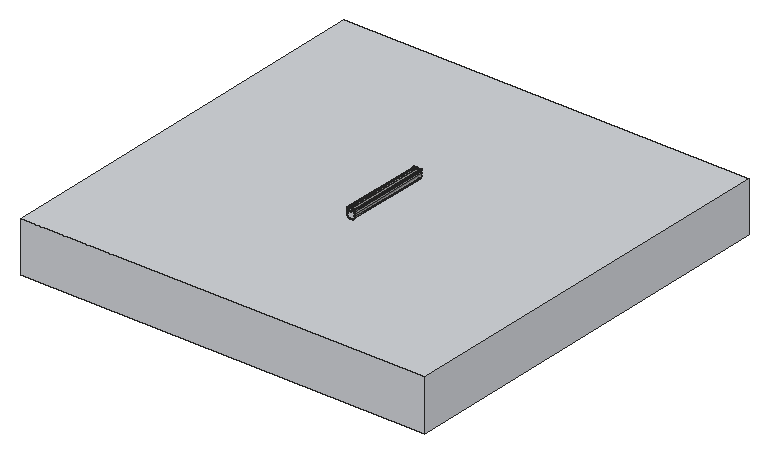
Revit family "L-trade_body", category Обобщенные модели, Revit 2017
Family settings
  Основа = Грань
  Может служить основой для арматурных стержней = Нет
  Размер круглого соединителя = Использовать диаметр
  Тип детали = Нормальный
  При загрузке вырезать с полостями = Нет
  Общий = Нет
  Точка расчета площади = Нет
Parameters
  Тип торцевой крышки = Trade Standart : Trade Standart
  Расстояние от светильника до плоскости = 55.991 mm
  Default Elevation = 1219.2 mm
  Начало выдавливания = Длина профиля / 2 * (-1)  # -250 mm
  Конец выдавливания = Длина профиля / 2  # 250 mm
  Длина профиля = 500 mm
Reference planes
  plane 1 "По центру (Вперед/Назад)": y = 0
  plane 2: z = 0
  plane 3 "По центру (Влево/Вправо)": x = 0
  plane 4 "Плоскость расположения светильника": z = 55.991
Forms (mm)
  Extrusion 1, solid
    sketch origin (0, 0, 0) x (1, 0, 0) y (0, 1, 0)
      loop
        line (-1219.2, 1219.2) -> (-1219.2, -1219.2) -> (1219.2, -1219.2) -> (1219.2, 1219.2) -> (-1219.2, 1219.2)
    from 0 to -304.8
  Extrusion 2, solid, material "Алюминий"
    sketch origin (-0.012, 0, 76.46) x (0, 0, 1) y (1, 0, 0)
      loop
        arc (-59.25, -24.005) -> (-52.269, -20.15) -> (-45.287, -24.005) r 8.25
        arc (-45.287, -24.005) -> (-39.588, -21.546) -> (-34.671, -17.758) r 25
        arc (-34.671, -17.758) -> (-33.593, -19.381) -> (-31.769, -20) r 3
        line (-31.769, -20) -> (-31.747, -18.485)
        arc (-31.747, -18.485) -> (-32.827, -15.957) -> (-30.283, -17) r 1.486
        line (-30.283, -17) -> (-28.946, -18.017)
        arc (-28.946, -18.017) -> (-28.836, -17.633) -> (-28.778, -17.238) r 3
        arc (-28.778, -17.238) -> (-28.264, -17.566) -> (-27.736, -17.872) r 15
        arc (-27.736, -17.872) -> (-28.629, -21.6) -> (-25.469, -23.771) r 3.385
        line (-25.469, -23.771) -> (-20.469, -23.771) -> (-20.469, -21.96) -> (-20.469, -18.959) -> (-21.47, -18.959) -> (-21.47, -21.96) -> (-25.469, -21.96)
        arc (-25.469, -21.96) -> (-26.945, -20.195) -> (-24.946, -19.054) r 1.5
        line (-24.946, -19.054) -> (-24.946, -17.462)
        arc (-24.946, -17.462) -> (-28.28, -15.733) -> (-31.007, -13.151) r 13.477
        arc (-31.007, -13.151) -> (-31.597, -12.352) -> (-32.126, -11.512) r 13.477
        arc (-32.126, -11.512) -> (-33.542, -8.026) -> (-33.938, -4.283) r 13.477
        line (-33.938, -4.283) -> (-34.93, -4.283) -> (-34.93, -5.255) -> (-36.043, -5.255) -> (-36.043, 0) -> (-36.043, 5.255) -> (-34.93, 5.255) -> (-34.93, 4.283) -> (-33.938, 4.283)
        arc (-33.938, 4.283) -> (-33.542, 8.026) -> (-32.126, 11.512) r 13.477
        arc (-32.126, 11.512) -> (-31.597, 12.352) -> (-31.007, 13.151) r 13.477
        arc (-31.007, 13.151) -> (-28.28, 15.733) -> (-24.946, 17.462) r 13.477
        line (-24.946, 17.462) -> (-24.946, 19.054)
        arc (-24.946, 19.054) -> (-26.945, 20.195) -> (-25.469, 21.96) r 1.5
        line (-25.469, 21.96) -> (-21.47, 21.96) -> (-21.47, 18.959) -> (-20.469, 18.959) -> (-20.469, 21.96) -> (-20.469, 23.771) -> (-25.469, 23.771)
        arc (-25.469, 23.771) -> (-28.629, 21.6) -> (-27.736, 17.872) r 3.385
        arc (-27.736, 17.872) -> (-28.264, 17.566) -> (-28.778, 17.238) r 15
        arc (-28.778, 17.238) -> (-28.836, 17.633) -> (-28.946, 18.017) r 3
        line (-28.946, 18.017) -> (-30.283, 17)
        arc (-30.283, 17) -> (-32.819, 15.949) -> (-31.769, 18.486) r 1.486
        line (-31.769, 18.486) -> (-31.769, 20)
        arc (-31.769, 20) -> (-33.603, 19.374) -> (-34.671, 17.758) r 3
        arc (-34.671, 17.758) -> (-39.588, 21.546) -> (-45.287, 24.005) r 25
        arc (-45.287, 24.005) -> (-52.269, 20.15) -> (-59.25, 24.005) r 8.25
        arc (-59.25, 24.005) -> (-64.079, 22.034) -> (-68.395, 19.104) r 25
        line (-68.395, 19.104) -> (-69.102, 17.807)
        arc (-69.102, 17.807) -> (-68.597, 17.356) -> (-68.344, 16.728) r 1.489
        arc (-68.344, 16.728) -> (-68.731, 15.48) -> (-69.953, 15.017) r 1.489
        arc (-69.953, 15.017) -> (-71.216, 15.994) -> (-70.869, 17.553) r 1.489
        line (-70.869, 17.553) -> (-71.913, 18.598)
        arc (-71.913, 18.598) -> (-72.763, 16.832) -> (-72.327, 14.922) r 2.966
        arc (-72.327, 14.922) -> (-75.219, 9.913) -> (-76.883, 4.375) r 25
        line (-76.883, 4.375) -> (-76.883, 2.61) -> (-75.101, 2.61) -> (-75.101, 4.112) -> (-71.169, 4.112) -> (-71.169, 0) -> (-71.169, -4.112) -> (-75.101, -4.112) -> (-75.101, -2.61) -> (-76.883, -2.61) -> (-76.883, -4.375)
        arc (-76.883, -4.375) -> (-75.219, -9.913) -> (-72.327, -14.922) r 25
        arc (-72.327, -14.922) -> (-72.763, -16.832) -> (-71.913, -18.598) r 2.966
        line (-71.913, -18.598) -> (-70.869, -17.553)
        arc (-70.869, -17.553) -> (-71.216, -15.994) -> (-69.953, -15.017) r 1.489
        arc (-69.953, -15.017) -> (-68.731, -15.48) -> (-68.344, -16.728) r 1.489
        arc (-68.344, -16.728) -> (-68.597, -17.356) -> (-69.102, -17.807) r 1.489
        line (-69.102, -17.807) -> (-68.395, -19.104)
        arc (-68.395, -19.104) -> (-64.079, -22.034) -> (-59.25, -24.005) r 25
      loop
        arc (-59.931, -21.898) -> (-52.269, -18.35) -> (-44.606, -21.898) r 10.05
        arc (-44.606, -21.898) -> (-38.092, -18.365) -> (-33.024, -12.957) r 23.2
        arc (-33.024, -12.957) -> (-34.527, -9.982) -> (-35.335, -6.748) r 15
        line (-35.335, -6.748) -> (-37.561, -6.748) -> (-37.561, 0) -> (-37.561, 6.748) -> (-35.335, 6.748)
        arc (-35.335, 6.748) -> (-34.527, 9.982) -> (-33.024, 12.957) r 15
        arc (-33.024, 12.957) -> (-38.092, 18.365) -> (-44.606, 21.898) r 23.2
        arc (-44.606, 21.898) -> (-52.269, 18.35) -> (-59.931, 21.898) r 10.05
        arc (-59.931, 21.898) -> (-63.725, 20.174) -> (-67.149, 17.799) r 23.2
        arc (-67.149, 17.799) -> (-67.655, 14.468) -> (-70.949, 13.759) r 2.966
        arc (-70.949, 13.759) -> (-73.267, 9.864) -> (-74.784, 5.594) r 23.2
        line (-74.784, 5.594) -> (-69.669, 5.594) -> (-69.669, 0) -> (-69.669, -5.594) -> (-74.784, -5.594)
        arc (-74.784, -5.594) -> (-73.267, -9.864) -> (-70.949, -13.759) r 23.2
        arc (-70.949, -13.759) -> (-67.655, -14.468) -> (-67.149, -17.799) r 2.966
        arc (-67.149, -17.799) -> (-63.725, -20.174) -> (-59.931, -21.898) r 23.2
    from -250 <- "Начало выдавливания" to 250 <- "Конец выдавливания"
  Extrusion 3, solid, material "Стекло, прозрачное остекление"
    sketch origin (-0.012, 0.083, 76.46) x (-1, 0, 0) y (0, 0, -1)
      loop
        line (21.96, 21.47) -> (21.96, 24.47) -> (-21.96, 24.47) -> (-21.96, 21.47) -> (21.96, 21.47)
    from -250 <- "Начало выдавливания" to 250 <- "Конец выдавливания"
Dimensions and locks
  "Расстояние от светильника до плоскости": plane 4 "Плоскость расположения светильника" to Extrusion 1
  aligned and locked: plane 2 to Extrusion 1
  aligned and locked: level to Extrusion 1
Automatic sketch dimensions
  Extrusion 1 sketch curve to Extrusion 1 sketch curve = 2438.4 mm  (x2)
  Extrusion 2 sketch curve to Extrusion 2 sketch curve = 0 mm  (x233)
  Extrusion 2 sketch curve to plane 4 "Плоскость расположения светильника" = 0 mm  (x4)
  Extrusion 2 sketch curve to Extrusion 2 sketch curve = 1.002 mm
  Extrusion 2 sketch curve to plane 4 "Плоскость расположения светильника" = 1.002 mm
  Extrusion 2 sketch curve to Extrusion 2 sketch curve = 3.475 mm  (x2)
  Extrusion 2 sketch curve to Extrusion 2 sketch curve = 0.523 mm  (x2)
  Extrusion 2 sketch curve to Extrusion 2 sketch curve = 4.001 mm  (x2)
  Extrusion 2 sketch curve to Extrusion 2 sketch curve = 1.337 mm  (x2)
  Extrusion 2 sketch curve to Extrusion 2 sketch curve = 1.486 mm  (x2)
  plane 3 "По центру (Влево/Вправо)" to Extrusion 2 sketch curve = 4.272 mm
  Extrusion 2 sketch curve to Extrusion 2 sketch curve = 2.169 mm
  Extrusion 2 sketch curve to plane 3 "По центру (Влево/Вправо)" = 4.295 mm
  Extrusion 2 sketch curve to Extrusion 2 sketch curve = 0.992 mm  (x2)
  Extrusion 2 sketch curve to Extrusion 2 sketch curve = 0.405 mm  (x2)
  Extrusion 2 sketch curve to Extrusion 2 sketch curve = 1.113 mm
  Extrusion 2 sketch curve to Extrusion 2 sketch curve = 1.518 mm
  Extrusion 2 sketch curve to plane 3 "По центру (Влево/Вправо)" = 0.012 mm  (x5)
  Extrusion 2 sketch curve to Extrusion 2 sketch curve = 14.707 mm
  Extrusion 2 sketch curve to Extrusion 2 sketch curve = 20.5 mm  (x2)
  Extrusion 2 sketch curve to Extrusion 2 sketch curve = 16.126 mm  (x2)
  Extrusion 2 sketch curve to Extrusion 2 sketch curve = 0.708 mm  (x2)
  plane 3 "По центру (Влево/Вправо)" to Extrusion 2 sketch curve = 5.582 mm
  Extrusion 2 sketch curve to Extrusion 2 sketch curve = 0.566 mm
  Extrusion 2 sketch curve to Extrusion 2 sketch curve = 0.713 mm  (x2)
  Extrusion 2 sketch curve to Extrusion 2 sketch curve = 1.053 mm  (x3)
  Extrusion 2 sketch curve to Extrusion 2 sketch curve = 1.5 mm
  Extrusion 2 sketch curve to Extrusion 2 sketch curve = 1.045 mm  (x4)
  Extrusion 2 sketch curve to plane 3 "По центру (Влево/Вправо)" = 18.609 mm
  Extrusion 2 sketch curve to Extrusion 2 sketch curve = 3.615 mm  (x2)
  Extrusion 2 sketch curve to Extrusion 2 sketch curve = 0.317 mm  (x2)
  Extrusion 2 sketch curve to Extrusion 2 sketch curve = 1.782 mm  (x2)
  Extrusion 2 sketch curve to plane 3 "По центру (Влево/Вправо)" = 18.971 mm
  Extrusion 2 sketch curve to Extrusion 2 sketch curve = 0.095 mm
  Extrusion 2 sketch curve to Extrusion 2 sketch curve = 0.506 mm
  Extrusion 2 sketch curve to Extrusion 2 sketch curve = 1.331 mm  (x2)
  Extrusion 2 sketch curve to Extrusion 2 sketch curve = 0.075 mm  (x2)
  Extrusion 2 sketch curve to Extrusion 2 sketch curve = 1.81 mm  (x2)
  Extrusion 2 sketch curve to Extrusion 2 sketch curve = 9.296 mm  (x2)
  Extrusion 2 sketch curve to Extrusion 2 sketch curve = 1.037 mm
  Extrusion 2 sketch curve to Extrusion 2 sketch curve = 1.297 mm  (x2)
  Extrusion 2 sketch curve to Extrusion 2 sketch curve = 1.593 mm  (x2)
  Extrusion 2 sketch curve to Extrusion 2 sketch curve = 1.017 mm  (x2)
  Extrusion 2 sketch curve to Extrusion 2 sketch curve = 2.464 mm
  Extrusion 2 sketch curve to plane 3 "По центру (Влево/Вправо)" = 5.606 mm
  Extrusion 2 sketch curve to Extrusion 2 sketch curve = 0.971 mm  (x2)
  Extrusion 2 sketch curve to Extrusion 2 sketch curve = 1.219 mm
  Extrusion 2 sketch curve to Extrusion 2 sketch curve = 1.482 mm  (x2)
  Extrusion 2 sketch curve to Extrusion 2 sketch curve = 1.502 mm
  plane 3 "По центру (Влево/Вправо)" to Extrusion 2 sketch curve = 2.598 mm
  Extrusion 2 sketch curve to Extrusion 2 sketch curve = 1.765 mm
  plane 3 "По центру (Влево/Вправо)" to Extrusion 2 sketch curve = 4.738 mm
  Extrusion 2 sketch curve to Extrusion 2 sketch curve = 1.493 mm
  Extrusion 2 sketch curve to Extrusion 2 sketch curve = 10.906 mm
  Extrusion 2 sketch curve to Extrusion 2 sketch curve = 0.462 mm
  Extrusion 2 sketch curve to Extrusion 2 sketch curve = 1.497 mm
  Extrusion 2 sketch curve to Extrusion 2 sketch curve = 1.514 mm
  Extrusion 2 sketch curve to Extrusion 2 sketch curve = 1.21 mm  (x2)
  Extrusion 2 sketch curve to Extrusion 2 sketch curve = 0.724 mm  (x2)
  Extrusion 2 sketch curve to Extrusion 2 sketch curve = 0.024 mm  (x2)
  Extrusion 2 sketch curve to Extrusion 2 sketch curve = 0.021 mm
  Extrusion 2 sketch curve to Extrusion 2 sketch curve = 1.119 mm  (x2)
  Extrusion 2 sketch curve to Extrusion 2 sketch curve = 0.898 mm  (x2)
  Extrusion 2 sketch curve to Extrusion 2 sketch curve = 2.903 mm  (x2)
  Extrusion 2 sketch curve to Extrusion 2 sketch curve = 7.663 mm  (x2)
  Extrusion 2 sketch curve to Extrusion 2 sketch curve = 0.681 mm  (x4)
  Extrusion 2 sketch curve to Extrusion 2 sketch curve = 6.982 mm
  Extrusion 2 sketch curve to Extrusion 2 sketch curve = 1.246 mm  (x2)
  Extrusion 2 sketch curve to Extrusion 2 sketch curve = 0.758 mm  (x2)
  Extrusion 2 sketch curve to Extrusion 2 sketch curve = 0.137 mm  (x2)
  Extrusion 3 sketch curve to plane 4 "Плоскость расположения светильника" = 1.002 mm
  plane 3 "По центру (Влево/Вправо)" to Extrusion 3 sketch curve = 21.949 mm
  Extrusion 3 sketch curve to plane 4 "Плоскость расположения светильника" = 4.002 mm
  Extrusion 3 sketch curve to plane 3 "По центру (Влево/Вправо)" = 21.972 mm
Nested families
  nested 1: "Trade Standart" at (0.555, 0.024, 0), type <- "Тип торцевой крышки", type "Trade Standart"
    with Расстояние до плоскости 55.991 mm, Начало профиля 250 mm, Конец профиля 250 mm
  nested 2: "Trade Standart" at (0.452, 0, 0), type <- "Тип торцевой крышки", type "Trade Standart"
    with Расстояние до плоскости 55.991 mm, Начало профиля 250 mm, Конец профиля 250 mm
Definition of nested family "Trade Standart"
  Parameters (values of type "Trade Standart")
    Расстояние до плоскости = 150 mm
    Default Elevation = 1219.2 mm
    Начало профиля = 249.976 mm
    Конец профиля = 250.024 mm
  Reference planes
    plane 1 "По центру (Вперед/Назад)": y = 0
    plane 2: z = 0
    plane 3 "По центру (Влево/Вправо)": x = 0
    plane 4 "Плоскость светильника": z = 150
  Forms (mm)
    Extrusion 1, solid
      sketch origin (0, 0, 0) x (1, 0, 0) y (0, 1, 0)
        loop
          line (-1219.2, 1219.2) -> (-1219.2, -1219.2) -> (1219.2, -1219.2) -> (1219.2, 1219.2) -> (-1219.2, 1219.2)
      from 0 to -304.8
    Extrusion 2, solid
      sketch origin (-19.367, -250.024, 150) x (1, 0, 0) y (0, 0, 1)
        loop
          arc (33.722, -51.859) -> (35.632, -52.295) -> (37.398, -51.445) r 2.966
          arc (37.398, -51.445) -> (38.236, -49.77) -> (37.904, -47.926) r 2.966
          arc (37.904, -47.926) -> (40.834, -43.611) -> (42.805, -38.782) r 25
          arc (42.805, -38.782) -> (38.95, -31.8) -> (42.805, -24.818) r 8.25
          arc (42.805, -24.818) -> (40.346, -19.12) -> (36.558, -14.203) r 25
          arc (36.558, -14.203) -> (38.174, -13.134) -> (38.8, -11.3) r 3
          arc (38.8, -11.3) -> (38.255, -9.575) -> (36.817, -8.478) r 3
          arc (36.817, -8.478) -> (36.433, -8.368) -> (36.038, -8.309) r 3
          arc (36.038, -8.309) -> (36.366, -7.795) -> (36.672, -7.268) r 15
          arc (36.672, -7.268) -> (40.4, -8.16) -> (42.571, -5) r 3.385
          line (42.571, -5) -> (42.571, 0) -> (40.76, 0) -> (37.759, 0) -> (-0.159, 0) -> (-3.16, 0) -> (-4.971, 0) -> (-4.971, -5)
          arc (-4.971, -5) -> (-2.8, -8.16) -> (0.928, -7.268) r 3.385
          arc (0.928, -7.268) -> (1.234, -7.795) -> (1.562, -8.309) r 15
          arc (1.562, -8.309) -> (1.167, -8.368) -> (0.783, -8.478) r 3
          arc (0.783, -8.478) -> (-0.655, -9.575) -> (-1.2, -11.3) r 3
          arc (-1.2, -11.3) -> (-0.574, -13.134) -> (1.042, -14.203) r 3
          arc (1.042, -14.203) -> (-2.746, -19.12) -> (-5.205, -24.818) r 25
          arc (-5.205, -24.818) -> (-1.35, -31.8) -> (-5.205, -38.782) r 8.25
          arc (-5.205, -38.782) -> (-3.234, -43.611) -> (-0.304, -47.926) r 25
          arc (-0.304, -47.926) -> (-0.636, -49.77) -> (0.202, -51.445) r 2.966
          arc (0.202, -51.445) -> (1.968, -52.295) -> (3.878, -51.859) r 2.966
          arc (3.878, -51.859) -> (9.009, -54.803) -> (14.688, -56.46) r 25
          line (14.688, -56.46) -> (14.688, -50.7) -> (18.8, -50.7) -> (22.912, -50.7) -> (22.912, -56.46)
          arc (22.912, -56.46) -> (28.591, -54.803) -> (33.722, -51.859) r 25
      from 0 to 1.5
    Extrusion 3, solid
      sketch origin (18.233, 249.976, 150) x (-1, 0, 0) y (0, 0, 1)
        loop
          arc (3.884, -51.859) -> (9.014, -54.803) -> (14.693, -56.46) r 25
          line (14.693, -56.46) -> (14.693, -50.7) -> (18.805, -50.7) -> (22.917, -50.7) -> (22.917, -56.46)
          arc (22.917, -56.46) -> (28.596, -54.803) -> (33.727, -51.859) r 25
          arc (33.727, -51.859) -> (35.637, -52.295) -> (37.403, -51.445) r 2.966
          arc (37.403, -51.445) -> (38.241, -49.77) -> (37.909, -47.926) r 2.966
          arc (37.909, -47.926) -> (40.839, -43.611) -> (42.81, -38.782) r 25
          arc (42.81, -38.782) -> (38.955, -31.8) -> (42.81, -24.818) r 8.25
          arc (42.81, -24.818) -> (40.351, -19.12) -> (36.563, -14.203) r 25
          arc (36.563, -14.203) -> (38.179, -13.134) -> (38.805, -11.3) r 3
          arc (38.805, -11.3) -> (38.26, -9.575) -> (36.822, -8.478) r 3
          arc (36.822, -8.478) -> (36.438, -8.368) -> (36.043, -8.309) r 3
          arc (36.043, -8.309) -> (36.371, -7.795) -> (36.677, -7.268) r 15
          arc (36.677, -7.268) -> (40.405, -8.16) -> (42.576, -5) r 3.385
          line (42.576, -5) -> (42.576, 0) -> (40.765, 0) -> (37.764, 0) -> (-0.154, 0) -> (-3.155, 0) -> (-4.966, 0) -> (-4.966, -5)
          arc (-4.966, -5) -> (-2.795, -8.16) -> (0.933, -7.268) r 3.385
          arc (0.933, -7.268) -> (1.239, -7.795) -> (1.567, -8.309) r 15
          arc (1.567, -8.309) -> (1.172, -8.368) -> (0.788, -8.478) r 3
          arc (0.788, -8.478) -> (-0.65, -9.575) -> (-1.195, -11.3) r 3
          arc (-1.195, -11.3) -> (-0.569, -13.134) -> (1.047, -14.203) r 3
          arc (1.047, -14.203) -> (-2.741, -19.12) -> (-5.2, -24.818) r 25
          arc (-5.2, -24.818) -> (-1.345, -31.8) -> (-5.2, -38.782) r 8.25
          arc (-5.2, -38.782) -> (-3.229, -43.611) -> (-0.299, -47.926) r 25
          arc (-0.299, -47.926) -> (-0.631, -49.77) -> (0.207, -51.445) r 2.966
          arc (0.207, -51.445) -> (1.973, -52.295) -> (3.884, -51.859) r 2.966
      from 0 to 1.5
    Extrusion 4, solid
      sketch origin (0, -398.223, 150) x (0, -1, 0) y (1, 0, 0)
        loop
          line (-154.699, 18.233) -> (-154.699, -19.367) -> (-148.199, -19.367) -> (-148.199, 18.233) -> (-154.699, 18.233)
        loop
          line (-648.199, -19.367) -> (-641.699, -19.367) -> (-641.699, 18.233) -> (-648.199, 18.233) -> (-648.199, -19.367)
      from 0 to -1
  Dimensions and locks
    "Расстояние до плоскости": plane 4 "Плоскость светильника" to Extrusion 1
    "Конец профиля": plane 1 "По центру (Вперед/Назад)" to Extrusion 4
    "Начало профиля": Extrusion 4 to plane 1 "По центру (Вперед/Назад)"
    aligned and locked: plane 2 to Extrusion 1
    aligned and locked: level to Extrusion 1
  Automatic sketch dimensions
    Extrusion 1 sketch curve to Extrusion 1 sketch curve = 2438.4 mm  (x2)
    Extrusion 4 sketch curve to plane 3 "По центру (Влево/Вправо)" = 19.367 mm  (x2)
    plane 1 "По центру (Вперед/Назад)" to Extrusion 4 sketch curve = 243.524 mm
    Extrusion 4 sketch curve to Extrusion 4 sketch curve = 6.5 mm  (x2)
    plane 3 "По центру (Влево/Вправо)" to Extrusion 4 sketch curve = 18.233 mm  (x2)
    Extrusion 4 sketch curve to plane 1 "По центру (Вперед/Назад)" = 243.476 mm
    Extrusion 2 sketch curve to Extrusion 2 sketch curve = 0 mm  (x46)
    Extrusion 2 sketch curve to Extrusion 4 = 0 mm  (x3)
    Extrusion 2 sketch curve to Extrusion 4 = 9.6 mm
    Extrusion 2 sketch curve to Extrusion 4 = 4.971 mm
    Extrusion 2 sketch curve to Extrusion 2 sketch curve = 1.81 mm
    Extrusion 2 sketch curve to Extrusion 4 = 1.585 mm
    Extrusion 2 sketch curve to Extrusion 4 = 0.159 mm
    Extrusion 4 to Extrusion 2 sketch curve = 1.8 mm
    Extrusion 4 to Extrusion 2 sketch curve = 2.3 mm
    Extrusion 4 to Extrusion 2 sketch curve = 14.05 mm
    Extrusion 2 sketch curve to Extrusion 2 sketch curve = 12.388 mm
    Extrusion 4 to Extrusion 2 sketch curve = 18.8 mm
    Extrusion 2 sketch curve to Extrusion 2 sketch curve = 4.112 mm  (x2)
    Extrusion 2 sketch curve to Extrusion 2 sketch curve = 9.5 mm
    Extrusion 2 sketch curve to Extrusion 4 = 2.3 mm
    Extrusion 2 sketch curve to Extrusion 4 = 1.8 mm
    Extrusion 4 to Extrusion 2 sketch curve = 0.159 mm
    Extrusion 4 to Extrusion 2 sketch curve = 1.585 mm
    Extrusion 2 sketch curve to Extrusion 2 sketch curve = 3.001 mm
    Extrusion 2 sketch curve to Extrusion 2 sketch curve = 3.385 mm
    Extrusion 4 to Extrusion 2 sketch curve = 9.6 mm
    Extrusion 2 sketch curve to Extrusion 4 = 4 mm  (x2)
    Extrusion 2 sketch curve to Extrusion 2 sketch curve = 6.3 mm  (x2)
    Extrusion 2 sketch curve to Extrusion 2 sketch curve = 20.5 mm  (x3)
    Extrusion 2 sketch curve to Extrusion 2 sketch curve = 17.547 mm  (x2)
    Extrusion 2 sketch curve to Extrusion 2 sketch curve = 1.353 mm
    Extrusion 2 sketch curve to Extrusion 2 sketch curve = 5.76 mm  (x2)
    Extrusion 2 sketch curve to Extrusion 4 = 5.205 mm  (x2)
    Extrusion 2 sketch curve to Extrusion 4 = 1.2 mm
    Extrusion 2 sketch curve to Extrusion 4 = 0.304 mm
    Extrusion 4 to Extrusion 2 sketch curve = 0.202 mm
    Extrusion 4 to Extrusion 2 sketch curve = 0.783 mm
    Extrusion 4 to Extrusion 2 sketch curve = 0.928 mm
    Extrusion 4 to Extrusion 2 sketch curve = 1.042 mm
    Extrusion 2 sketch curve to Extrusion 2 sketch curve = 1.578 mm
    Extrusion 2 sketch curve to Extrusion 4 = 1.562 mm
    Extrusion 2 sketch curve to Extrusion 4 = 1.042 mm
    Extrusion 2 sketch curve to Extrusion 4 = 0.928 mm
    Extrusion 2 sketch curve to Extrusion 4 = 0.783 mm
    Extrusion 2 sketch curve to Extrusion 4 = 0.202 mm
    Extrusion 4 to Extrusion 2 sketch curve = 0.304 mm
    Extrusion 4 to Extrusion 2 sketch curve = 5.205 mm
    Extrusion 3 sketch curve to Extrusion 3 sketch curve = 0 mm  (x46)
    Extrusion 3 sketch curve to Extrusion 4 = 0 mm  (x3)
    Extrusion 3 sketch curve to Extrusion 4 = 9.595 mm
    Extrusion 3 sketch curve to Extrusion 4 = 4.966 mm
    Extrusion 3 sketch curve to Extrusion 3 sketch curve = 1.81 mm  (x2)
    Extrusion 3 sketch curve to Extrusion 4 = 1.58 mm
    Extrusion 3 sketch curve to Extrusion 4 = 0.154 mm
    Extrusion 4 to Extrusion 3 sketch curve = 1.805 mm
    Extrusion 4 to Extrusion 3 sketch curve = 2.305 mm
    Extrusion 4 to Extrusion 3 sketch curve = 14.055 mm
    Extrusion 3 sketch curve to Extrusion 3 sketch curve = 12.388 mm
    Extrusion 3 sketch curve to Extrusion 4 = 18.795 mm
    Extrusion 3 sketch curve to Extrusion 3 sketch curve = 4.112 mm  (x2)
    Extrusion 3 sketch curve to Extrusion 3 sketch curve = 9.5 mm
    Extrusion 3 sketch curve to Extrusion 4 = 2.295 mm
    Extrusion 3 sketch curve to Extrusion 4 = 1.795 mm
    Extrusion 4 to Extrusion 3 sketch curve = 0.164 mm
    Extrusion 4 to Extrusion 3 sketch curve = 1.59 mm
    Extrusion 3 sketch curve to Extrusion 3 sketch curve = 3.001 mm
    Extrusion 4 to Extrusion 3 sketch curve = 9.605 mm
    Extrusion 3 sketch curve to Extrusion 4 = 4 mm  (x2)
    Extrusion 3 sketch curve to Extrusion 3 sketch curve = 6.3 mm  (x2)
    Extrusion 3 sketch curve to Extrusion 3 sketch curve = 20.5 mm  (x3)
    Extrusion 3 sketch curve to Extrusion 3 sketch curve = 17.547 mm  (x2)
    Extrusion 3 sketch curve to Extrusion 3 sketch curve = 1.353 mm
    Extrusion 3 sketch curve to Extrusion 3 sketch curve = 5.76 mm  (x2)
    Extrusion 3 sketch curve to Extrusion 4 = 5.2 mm  (x2)
    Extrusion 3 sketch curve to Extrusion 4 = 1.195 mm
    Extrusion 3 sketch curve to Extrusion 4 = 0.299 mm
    Extrusion 4 to Extrusion 3 sketch curve = 0.207 mm
    Extrusion 4 to Extrusion 3 sketch curve = 0.788 mm
    Extrusion 4 to Extrusion 3 sketch curve = 0.933 mm
    Extrusion 4 to Extrusion 3 sketch curve = 1.047 mm
    Extrusion 3 sketch curve to Extrusion 3 sketch curve = 1.578 mm
    Extrusion 3 sketch curve to Extrusion 4 = 1.557 mm
    Extrusion 3 sketch curve to Extrusion 4 = 1.037 mm
    Extrusion 3 sketch curve to Extrusion 4 = 0.923 mm
    Extrusion 3 sketch curve to Extrusion 4 = 0.778 mm
    Extrusion 3 sketch curve to Extrusion 4 = 0.197 mm
    Extrusion 4 to Extrusion 3 sketch curve = 0.309 mm
    Extrusion 4 to Extrusion 3 sketch curve = 5.21 mm
